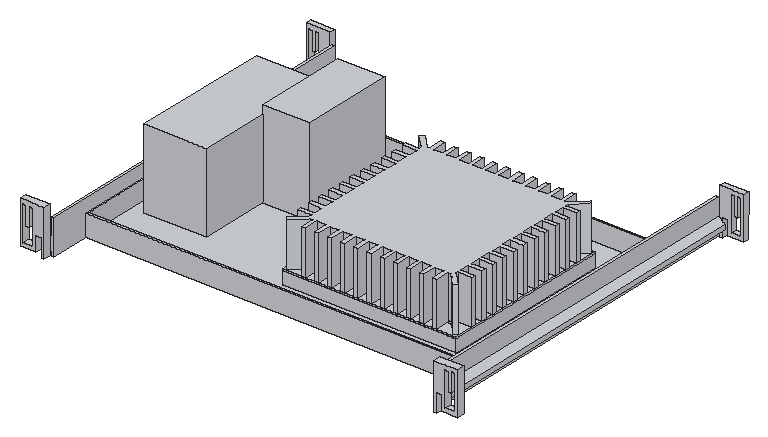
Revit family "Alcon-14077-Revit-Family", category Lighting Fixtures, host Ceiling, Revit 2021
Family settings
  Host = Ceiling
  Round Connector Dimension = Use Diameter
  Part Type = Normal
  Always vertical = Yes
  Cut with Voids When Loaded = Yes
  Light Source = Yes
  Shared = No
  Room Calculation Point = No
Parameters (values of type "Type 1")
  Wattage = 9.2903 W
  built-in parameter 1150110 = 1 (stored number, unit not read)
  built-in parameter 1114217 = 1 (stored number, unit not read)
  Tilt Angle = 90.00°
  built-in parameter 1150109 = 1 (stored number, unit not read)
  built-in parameter 1150134 = 3
  built-in parameter 1150113 = 1 (stored number, unit not read)
  built-in parameter 1010507 = 1.5708 (stored number, unit not read)
  built-in parameter 1010506 = 0.5236 (stored number, unit not read)
  Reflector = none
  Product Identity = "Alcon Lighting 14077"
  Manufacturer = "Alcon Light"
  built-in parameter 1150105 = 4614.1 (stored number, unit not read)
  Lumens = 1380 lm
  built-in parameter 1150115 = 1 (stored number, unit not read)
  Link To Product Page = "https://www.alconlighting.com/hal-14077.html"
  Light Source Symbol Length = 10' - 0"
  Light Source = none
  built-in parameter 1150137 = (empty or 0)
  built-in parameter 1150139 = (empty or 0)
  built-in parameter 1150112 = 1 (stored number, unit not read)
  built-in parameter 1150114 = 1 (stored number, unit not read)
  built-in parameter 1150132 = (empty or 0)
  built-in parameter 1150102 = (empty or 0)
  built-in parameter 1150107 = 3200 (stored number, unit not read)
  built-in parameter 1150138 = (empty or 0)
  built-in parameter 1150106 = 46.141 (stored number, unit not read)
  Housing = none
  Glass = Glass
  Emit from Rectangle Width = 0' - 5"
  Emit from Rectangle Length = 0' - 5"
  Emit Shape Visible in Rendering = no
  built-in parameter 1150104 = 13.8 (stored number, unit not read)
  Driver = none
  Dimming Lamp Color Temperature Shift = <None>
  Default Elevation = 0' - 0"
  Color Filter = 16777215
  built-in parameter 1114218 = 1 (stored number, unit not read)
  built-in parameter 1150133 = 10 (stored number, unit not read)
Reference planes (in)
  plane 1 "Center (Front/Back)": y = 0
  plane 2: z = 0
  plane 3 "Center (Left/Right)": x = 0
  plane 4 "Ceiling": z = 157.48031
Forms (in)
  Extrusion 1, solid, material <- "Housing"
    sketch origin (0, 0, 157.48031) x (0, 1, 0) y (-1, 0, 0)
      loop
        line (3.875, 8.25) -> (-3.875, 8.25) -> (-3.875, -4) -> (3.875, -4) -> (3.875, 8.25)
      loop
        line (3.8125, 8.1875) -> (-3.8125, 8.1875) -> (-3.8125, -3.9375) -> (3.8125, -3.9375) -> (3.8125, 8.1875)
    from 0.44396 to 1.14763
  Extrusion 2, solid, material <- "Housing"
    sketch origin (-4.82853, 0, -0.03125) x (-1, 0, 0) y (0, 0, -1)
      loop
        line (4.31968, -158.03648) -> (3.8188, -158.03648) -> (3.8188, -158.5112) -> (3.64373, -158.5112) -> (3.64373, -157.92428) -> (3.55516, -157.92428) -> (3.55516, -159.40914) -> (4.31968, -159.40914) -> (4.31968, -158.03648)
      loop
        line (4.23139, -159.2769) -> (4.23139, -158.15959) -> (3.91641, -158.15959) -> (3.91641, -159.2769) -> (4.02232, -159.2769) -> (4.02232, -158.68219) -> (4.12956, -158.68219) -> (4.12956, -159.2769) -> (4.23139, -159.2769)
    from -6.30204 to -6.125
  Extrusion 3, solid, material <- "Housing"
    sketch origin (-4.89416, 0, -0.03125) x (-1, 0, 0) y (0, 0, -1)
      loop
        line (3.35584, -159.06283) -> (3.44441, -159.06283) -> (3.44441, -158.5169) -> (3.6492, -158.31211) -> (3.6492, -158.17987) -> (3.44441, -158.03648) -> (3.44441, -157.92428) -> (3.35584, -157.92428) -> (3.35584, -159.06283)
    from -6.125 to 5.125
  Extrusion 4, solid, material <- "Driver"
    sketch origin (0, 0, 157.48031) x (0, 1, 0) y (-1, 0, 0)
      loop
        line (2.24504, 7.65297) -> (-2.25496, 7.65297) -> (-2.25496, 5.65297) -> (2.24504, 5.65297) -> (2.24504, 7.65297)
    from 0.64803 to 3.19293
  Extrusion 5, solid, material <- "Driver"
    sketch origin (0, 0, 157.48031) x (0, 1, 0) y (-1, 0, 0)
      loop
        line (0, 5.65297) -> (0, 4.15297) -> (3.02092, 4.15297) -> (3.02092, 5.65297) -> (0, 5.65297)
    from 0.64803 to 3.4566
  Extrusion 6, solid, material <- "Housing"
    sketch origin (0, 0, 157.48031) x (0, 1, 0) y (-1, 0, 0)
      loop
        line (3.8125, 8.1875) -> (-3.8125, 8.1875) -> (-3.8125, -3.9375) -> (3.8125, -3.9375) -> (3.8125, 8.1875)
      loop
        line (2.78793, -2.78793) -> (2.78793, 2.78793) -> (-2.78793, 2.78793) -> (-2.78793, -2.78793) -> (2.78793, -2.78793)
    from 0.44396 to 0.52491
  Sweep 7, solid, material <- "Housing"
    path origin (0, 0, 159.14749) x (0, 1, 0) y (-1, 0, 0)
      loop
        line (-2.5, 2.5) -> (-2.5, -2.5) -> (2.5, -2.5) -> (2.5, 2.5) -> (-2.5, 2.5)
    profile origin (-2.5, 0, 159.14749) x (-1, 0, 0) y (0, 0, 1)
      loop
        line (0.2019, -0.75) -> (0.2019, -1.61301) -> (0.5, -1.61301) -> (0.5, -1.52396) -> (0.28793, -1.52396) -> (0.28793, -0.75) -> (0.2019, -0.75)
  Extrusion 8, solid, material <- "Housing"
    sketch origin (-2.7019, -2.7019, 158.39749) x (0, 1, 0) y (-1, 0, 0)
      loop
        line (-0.08604, 0.08604) -> (-0.08604, -5.48983) -> (5.48983, -5.48983) -> (5.48983, 0.08604) -> (-0.08604, 0.08604)
      loop
        line (5.0547, -0.34909) -> (0.34909, -0.34909) -> (0.34909, -5.0547) -> (5.0547, -5.0547) -> (5.0547, -0.34909)
    from 0 to 0.0625
  Sweep 9, solid, material <- "Reflector"
    path origin (0, 0, 158.28458) x (0, 1, 0) y (-1, 0, 0)
      loop
        line (2.2019, 2.2019) -> (-2.2019, 2.2019) -> (-2.2019, -2.2019) -> (2.2019, -2.2019) -> (2.2019, 2.2019)
    profile origin (-2.2019, 0, 158.28458) x (1, 0, 0) y (0, 0, 1)
      loop
        line (-0.15091, 0.11292) -> (1.35938, 1.29288) -> (1.22164, 1.29288) -> (-0.15091, 0.22053) -> (-0.15091, 0.11292)
  Extrusion 10, solid, material <- "Light Source"
    sketch origin (-0.98026, 0.98026, 159.57746) x (0, -1, 0) y (1, 0, 0)
      loop
        line (0, 1.96051) -> (0, 0) -> (1.96051, 0) -> (1.96051, 1.96051) -> (0, 1.96051)
    from 0 to 0.0625
  Sweep 11, solid, material <- "Housing"
    path origin (0, 0, 158.33874) x (0, 1, 0) y (-1, 0, 0)
      loop
        line (-2.5, 2.5) -> (-2.5, -2.5) -> (2.5, -2.5) -> (2.5, 2.5) -> (-2.5, 2.5)
    profile origin (-2.5, 0, 158.33874) x (-1, 0, 0) y (0, 0, 1)
      loop
        line (0, -0.69951) -> (0, 0.05875) -> (-0.1472, 0.05875) -> (-0.1472, -0.49) -> (-0.10844, -0.49) -> (-0.10844, -0.59475) -> (-0.0736, -0.59475) -> (-0.0736, -0.69951) -> (-0.03485, -0.69951) -> (-0.03485, -0.80426) -> (0, -0.80426) -> (0, -0.97144) -> (0.5, -0.97144) -> (0.5, -0.80426) -> (0.19584, -0.80426) -> (0.19584, -0.69951) -> (0, -0.69951)
  Extrusion 12, solid, material "Glass" <- "Glass"
    sketch origin (-1.14046, 1.14046, 159.63163) x (0, -1, 0) y (1, 0, 0)
      loop
        line (-1.21235, 3.49326) -> (-1.21235, -1.21235) -> (3.49326, -1.21235) -> (3.49326, 3.49326) -> (-1.21235, 3.49326)
    from -1.67965 to -1.59217
  Extrusion 13, solid, material <- "Driver"
    sketch origin (-2.7019, -2.7019, 158.45999) x (0, 1, 0) y (-1, 0, 0)
      loop
        line (0.3565, -4.73888) -> (-0.08604, -4.73888) -> (-0.08604, -4.87302) -> (0.3565, -4.87302) -> (0.3565, -4.95244) -> (-0.05542, -5.36436) -> (0.03943, -5.45922) -> (0.45135, -5.0473) -> (0.53078, -5.0473) -> (0.53078, -5.48983) -> (0.66492, -5.48983) -> (0.66492, -5.0473) -> (0.95159, -5.0473) -> (0.95159, -5.48983) -> (1.08573, -5.48983) -> (1.08573, -5.0473) -> (1.3724, -5.0473) -> (1.3724, -5.48983) -> (1.50654, -5.48983) -> (1.50654, -5.0473) -> (1.79321, -5.0473) -> (1.79321, -5.48983) -> (1.92735, -5.48983) -> (1.92735, -5.0473) -> (2.21402, -5.0473) -> (2.21402, -5.48983) -> (2.34816, -5.48983) -> (2.34816, -5.0473) -> (2.63483, -5.0473) -> (2.63483, -5.48983) -> (2.76897, -5.48983) -> (2.76897, -5.0473) -> (3.05564, -5.0473) -> (3.05564, -5.48983) -> (3.18978, -5.48983) -> (3.18978, -5.0473) -> (3.47645, -5.0473) -> (3.47645, -5.48983) -> (3.61059, -5.48983) -> (3.61059, -5.0473) -> (3.89726, -5.0473) -> (3.89726, -5.48983) -> (4.0314, -5.48983) -> (4.0314, -5.0473) -> (4.31807, -5.0473) -> (4.31807, -5.48983) -> (4.45221, -5.48983) -> (4.45221, -5.0473) -> (4.73888, -5.0473) -> (4.73888, -5.48983) -> (4.87302, -5.48983) -> (4.87302, -5.0473) -> (4.95244, -5.0473) -> (5.36436, -5.45922) -> (5.45922, -5.36436) -> (5.0473, -4.95244) -> (5.0473, -4.87302) -> (5.48983, -4.87302) -> (5.48983, -4.73888) -> (5.0473, -4.73888) -> (5.0473, -4.45221) -> (5.48983, -4.45221) -> (5.48983, -4.31807) -> (5.0473, -4.31807) -> (5.0473, -4.0314) -> (5.48983, -4.0314) -> (5.48983, -3.89726) -> (5.0473, -3.89726) -> (5.0473, -3.61059) -> (5.48983, -3.61059) -> (5.48983, -3.47645) -> (5.0473, -3.47645) -> (5.0473, -3.18978) -> (5.48983, -3.18978) -> (5.48983, -3.05564) -> (5.0473, -3.05564) -> (5.0473, -2.76897) -> (5.48983, -2.76897) -> (5.48983, -2.63483) -> (5.0473, -2.63483) -> (5.0473, -2.34816) -> (5.48983, -2.34816) -> (5.48983, -2.21402) -> (5.0473, -2.21402) -> (5.0473, -1.92735) -> (5.48983, -1.92735) -> (5.48983, -1.79321) -> (5.0473, -1.79321) -> (5.0473, -1.50654) -> (5.48983, -1.50654) -> (5.48983, -1.3724) -> (5.0473, -1.3724) -> (5.0473, -1.08573) -> (5.48983, -1.08573) -> (5.48983, -0.95159) -> (5.0473, -0.95159) -> (5.0473, -0.66492) -> (5.48983, -0.66492) -> (5.48983, -0.53078) -> (5.0473, -0.53078) -> (5.0473, -0.45135) -> (5.45922, -0.03943) -> (5.36436, 0.05542) -> (4.95244, -0.3565) -> (4.87302, -0.3565) -> (4.87302, 0.08604) -> (4.73888, 0.08604) -> (4.73888, -0.3565) -> (4.45221, -0.3565) -> (4.45221, 0.08604) -> (4.31807, 0.08604) -> (4.31807, -0.3565) -> (4.0314, -0.3565) -> (4.0314, 0.08604) -> (3.89726, 0.08604) -> (3.89726, -0.3565) -> (3.61059, -0.3565) -> (3.61059, 0.08604) -> (3.47645, 0.08604) -> (3.47645, -0.3565) -> (3.18978, -0.3565) -> (3.18978, 0.08604) -> (3.05564, 0.08604) -> (3.05564, -0.3565) -> (2.76897, -0.3565) -> (2.76897, 0.08604) -> (2.63483, 0.08604) -> (2.63483, -0.3565) -> (2.34816, -0.3565) -> (2.34816, 0.08604) -> (2.21402, 0.08604) -> (2.21402, -0.3565) -> (1.92735, -0.3565) -> (1.92735, 0.08604) -> (1.79321, 0.08604) -> (1.79321, -0.3565) -> (1.50654, -0.3565) -> (1.50654, 0.08604) -> (1.3724, 0.08604) -> (1.3724, -0.3565) -> (1.08573, -0.3565) -> (1.08573, 0.08604) -> (0.95159, 0.08604) -> (0.95159, -0.3565) -> (0.66492, -0.3565) -> (0.66492, 0.08604) -> (0.53078, 0.08604) -> (0.53078, -0.3565) -> (0.45135, -0.3565) -> (0.03943, 0.05542) -> (-0.05542, -0.03943) -> (0.3565, -0.45135) -> (0.3565, -0.53078) -> (-0.08604, -0.53078) -> (-0.08604, -0.66492) -> (0.3565, -0.66492) -> (0.3565, -0.95159) -> (-0.08604, -0.95159) -> (-0.08604, -1.08573) -> (0.3565, -1.08573) -> (0.3565, -1.3724) -> (-0.08604, -1.3724) -> (-0.08604, -1.50654) -> (0.3565, -1.50654) -> (0.3565, -1.79321) -> (-0.08604, -1.79321) -> (-0.08604, -1.92735) -> (0.3565, -1.92735) -> (0.3565, -2.21402) -> (-0.08604, -2.21402) -> (-0.08604, -2.34816) -> (0.3565, -2.34816) -> (0.3565, -2.63483) -> (-0.08604, -2.63483) -> (-0.08604, -2.76897) -> (0.3565, -2.76897) -> (0.3565, -3.05564) -> (-0.08604, -3.05564) -> (-0.08604, -3.18978) -> (0.3565, -3.18978) -> (0.3565, -3.47645) -> (-0.08604, -3.47645) -> (-0.08604, -3.61059) -> (0.3565, -3.61059) -> (0.3565, -3.89726) -> (-0.08604, -3.89726) -> (-0.08604, -4.0314) -> (0.3565, -4.0314) -> (0.3565, -4.31807) -> (-0.08604, -4.31807) -> (-0.08604, -4.45221) -> (0.3565, -4.45221) -> (0.3565, -4.73888)
    from 0 to 1.43026
  Extrusion 14, void
    sketch origin (0, 0, 157.48031) x (0, 1, 0) y (-1, 0, 0)
      loop
        line (2.2903, 2.2903) -> (-2.2903, 2.2903) -> (-2.2903, -2.2903) -> (2.2903, -2.2903) -> (2.2903, 2.2903)
    from 0.97968 to 2.25321
  Extrusion 15, solid, material <- "Housing"
    sketch origin (-4.82853, 0.43953, -0.03125) x (-1, 0, 0) y (0, 0, 1)
      loop
        line (4.31968, 158.03648) -> (4.31968, 159.40914) -> (3.55516, 159.40914) -> (3.55516, 157.92428) -> (3.64373, 157.92428) -> (3.64373, 158.5112) -> (3.8188, 158.5112) -> (3.8188, 158.03648) -> (4.31968, 158.03648)
      loop
        line (4.23139, 159.2769) -> (4.12956, 159.2769) -> (4.12956, 158.68219) -> (4.02232, 158.68219) -> (4.02232, 159.2769) -> (3.91641, 159.2769) -> (3.91641, 158.15959) -> (4.23139, 158.15959) -> (4.23139, 159.2769)
    from -5.79965 to -5.56453
  Extrusion 16, solid, material <- "Housing"
    sketch origin (0.57853, 0, -0.03125) x (1, 0, 0) y (0, 0, 1)
      loop
        line (4.31968, 158.03648) -> (4.31968, 159.40914) -> (3.55516, 159.40914) -> (3.55516, 157.92428) -> (3.64373, 157.92428) -> (3.64373, 158.5112) -> (3.8188, 158.5112) -> (3.8188, 158.03648) -> (4.31968, 158.03648)
      loop
        line (4.23139, 159.2769) -> (4.12956, 159.2769) -> (4.12956, 158.68219) -> (4.02232, 158.68219) -> (4.02232, 159.2769) -> (3.91641, 159.2769) -> (3.91641, 158.15959) -> (4.23139, 158.15959) -> (4.23139, 159.2769)
    from -6.30204 to -6.125
  Extrusion 17, solid, material <- "Housing"
    sketch origin (0.64416, 0, -0.03125) x (1, 0, 0) y (0, 0, 1)
      loop
        line (3.35584, 159.06283) -> (3.35584, 157.92428) -> (3.44441, 157.92428) -> (3.44441, 158.03648) -> (3.6492, 158.17987) -> (3.6492, 158.31211) -> (3.44441, 158.5169) -> (3.44441, 159.06283) -> (3.35584, 159.06283)
    from -6.125 to 5.125
  Extrusion 18, solid, material <- "Housing"
    sketch origin (0.57853, 0.43953, -0.03125) x (1, 0, 0) y (0, 0, -1)
      loop
        line (4.31968, -158.03648) -> (3.8188, -158.03648) -> (3.8188, -158.5112) -> (3.64373, -158.5112) -> (3.64373, -157.92428) -> (3.55516, -157.92428) -> (3.55516, -159.40914) -> (4.31968, -159.40914) -> (4.31968, -158.03648)
      loop
        line (4.23139, -159.2769) -> (4.23139, -158.15959) -> (3.91641, -158.15959) -> (3.91641, -159.2769) -> (4.02232, -159.2769) -> (4.02232, -158.68219) -> (4.12956, -158.68219) -> (4.12956, -159.2769) -> (4.23139, -159.2769)
    from -5.79965 to -5.56453
  Extrusion 19, void
    sketch origin (0, 0, 157.48031) x (0, 1, 0) y (-1, 0, 0)
      loop
        line (3, 3) -> (-3, 3) -> (-3, -3) -> (3, -3) -> (3, 3)
    from -0.708 to 0.44396
Cuts and joins
  joined: Extrusion 1, Extrusion 6
  Extrusion 14 cuts Extrusion 13
Lines and regions (in)
  symbolic lines
    curve 1: line (4, 3.875, 157.48031) -> (-8.25, 3.875, 157.48031)
    curve 2: line (4, -3.875, 157.48031) -> (4, 3.875, 157.48031)
    curve 3: line (-8.25, -3.875, 157.48031) -> (4, -3.875, 157.48031)
    curve 4: line (-8.25, 3.875, 157.48031) -> (-8.25, -3.875, 157.48031)
Dimensions and locks (in)
  equal spacing: host sketch curve, plane 3 "Center (Left/Right)", host sketch curve
  equal spacing: host sketch curve, plane 1 "Center (Front/Back)", host sketch curve
  host sketch curve to host sketch curve = 13' - 1.48031"  (x2)
  plane 4 "Ceiling" to host ceiling = 0' - 0"
